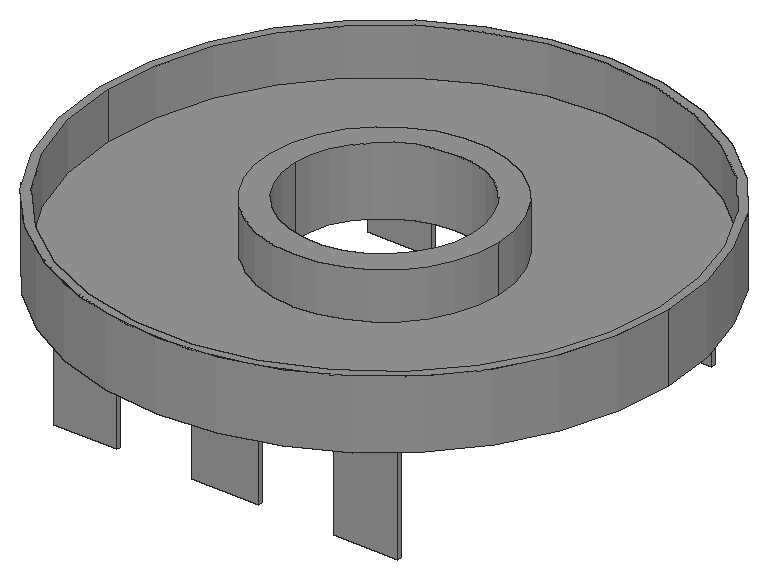
Revit family "Nivellierbare Kassette für Tubus, RKFRNUZD3, 20-25, 9", category Generic Models, Revit 2015
Parameters (values of type "RKFRN2UZD3R9VS25")
  URL = "http://www.obo-bettermann.com"
  Material = Stainless Steel
  Manufacturer Art.No. = "7409452"
  Manufacturer = "OBO Bettermann"
  Height 1 = 36.5 mm
  Height = 94 mm
  GTIN = "4012195869689"
  Diameter 1 = 295.6 mm
  Diameter = 304 mm
  Cut depth = 25 mm
  Article Type = "RKFRN2UZD3R9VS25"
Types (3, lengths in mm): name | Material | Manufacturer Art.No. | GTIN | Cut depth | Article Type
  (no name) | Stainless Steel | "7409452" | "4012195869689" | 25 | "RKFRN2UZD3R9VS25"
  RKFRN2UZD3R9VS20 | Stainless Steel, Polished | "7409450" | "4012195869641" | 20 | "RKFRN2UZD3R9VS20"
  RKFRN2UZD3R9VS25 | Stainless Steel | "7409452" | "4012195869689" | 25 | "RKFRN2UZD3R9VS25"
Reference planes
  plane 1 "Center (Front/Back)": y = 0
  plane 2: z = 0
  plane 3 "Center (Left/Right)": x = 0
  plane 4: z = 57.5
  plane 5: y = 99.5
  plane 6: y = -99.5
  plane 7: z = 94
  plane 8: z = 69
Forms (mm)
  Extrusion 1, solid, material "Stainless Steel" <- "Material"
    sketch origin (0, 0, 0) x (1, 0, 0) y (0, 1, 0)
      loop
        line (-92, 106) -> (-92, 104) -> (-58, 104) -> (-58, 106) -> (-92, 106)
      loop
        line (-18, 106) -> (-18, 104) -> (18, 104) -> (18, 106) -> (-18, 106)
      loop
        line (58, 106) -> (58, 104) -> (92, 104) -> (92, 106) -> (58, 106)
      loop
        line (-92, -104) -> (-92, -106) -> (-58, -106) -> (-58, -104) -> (-92, -104)
      loop
        line (-18, -104) -> (-18, -106) -> (18, -106) -> (18, -104) -> (-18, -104)
      loop
        line (58, -104) -> (58, -106) -> (92, -106) -> (92, -104) -> (58, -104)
    from 0 to 57.5
  Extrusion 2, solid, material "Stainless Steel" <- "Material"
    sketch origin (0, 0, 0) x (1, 0, 0) y (0, 1, 0)
      loop
        circle (0, 0) r 152
    from 57.5 to 94
  Extrusion 3, void
    sketch origin (0, 0, 0) x (1, 0, 0) y (0, 1, 0)
      loop
        circle (0, 0) r 147.8
      loop
        circle (0, 0) r 61
    from 69 to 94
  Extrusion 4, void
    sketch origin (0, 0, 0) x (1, 0, 0) y (0, 1, 0)
      loop
        circle (0, 0) r 47.77
    from 57.5 to 94
Cuts and joins
  Extrusion 3 cuts Extrusion 1
  Extrusion 3, Extrusion 4 cuts Extrusion 2
Dimensions and locks
  "Height 1": plane 7 to plane 4
  "Cut depth": plane 7 to plane 8
  locked: plane 5 to plane 6 at 199
  equal spacing: plane 5, plane 1 "Center (Front/Back)", plane 6, locked at 99.5 each
  locked: Extrusion 1 sketch curve to Extrusion 1 sketch curve at 2  (x2)
  locked: Extrusion 1 sketch curve to plane 1 "Center (Front/Back)" at 104  (x2)
  locked: Extrusion 1 sketch curve to Extrusion 1 sketch curve at 34  (x4)
  locked: Extrusion 1 sketch curve to Extrusion 1 sketch curve at 116  (x2)
  equal spacing: Extrusion 1 sketch curve, plane 3 "Center (Left/Right)", Extrusion 1 sketch curve, locked at 58 each  (x2)
  locked: Extrusion 1 sketch curve to Extrusion 1 sketch curve at 36  (x2)
  equal spacing: Extrusion 1 sketch curve, plane 3 "Center (Left/Right)", Extrusion 1 sketch curve, locked at 18 each  (x2)
  "Height": plane 7 to level
  "Diameter": diameter of Extrusion 2 sketch curve
  "Diameter 1": diameter of Extrusion 3 sketch curve
  diameter of Extrusion 3 sketch curve = 122 mm
  diameter of Extrusion 4 sketch curve = 95.54 mm
  aligned and locked: level to plane 2
  aligned and locked: plane 7 to Extrusion 2
  aligned and locked: cut or joined group of Extrusion 2, Extrusion 3, Extrusion 4 to Extrusion 3
  aligned and locked: Extrusion 3 to plane 8
  aligned and locked: Extrusion 1 sketch curve to Extrusion 1 sketch curve  (x8)
  aligned and locked: Extrusion 2 to Extrusion 4  (x2)
  aligned and locked: Extrusion 1 to level
  aligned and locked: plane 4 to Extrusion 1
  aligned and locked: Extrusion 2 to plane 4
Automatic sketch dimensions
  plane 1 "Center (Front/Back)" to Extrusion 2 sketch curve = 0 mm
  Extrusion 2 sketch curve to plane 3 "Center (Left/Right)" = 0 mm
  Extrusion 3 sketch curve to Extrusion 3 sketch curve = 0 mm  (x2)
  plane 1 "Center (Front/Back)" to Extrusion 3 sketch curve = 0 mm
  Extrusion 3 sketch curve to plane 3 "Center (Left/Right)" = 0 mm
  plane 1 "Center (Front/Back)" to Extrusion 4 sketch curve = 0 mm
  Extrusion 4 sketch curve to plane 3 "Center (Left/Right)" = 0 mm
